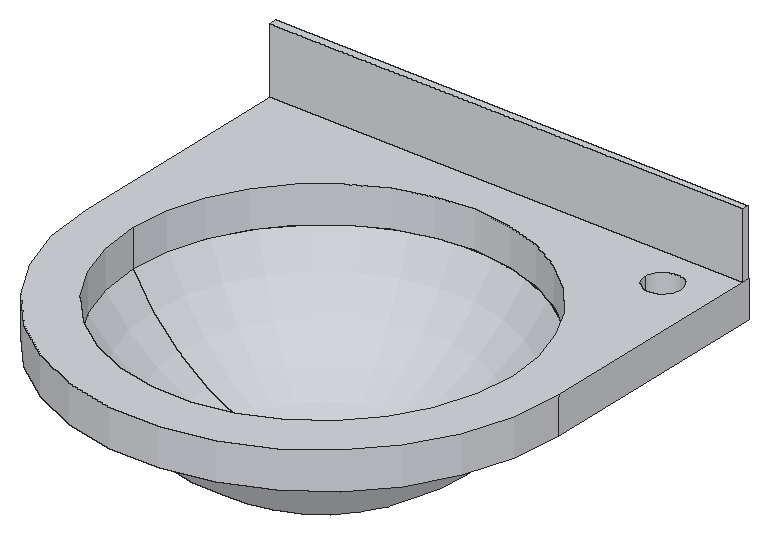
Revit family "KU2013002 LAVABO CIRCULAR", category Modelos genéricos, Revit 2015
Parameters (values of type "HJ2010114")
  Material = Bronce Cromado
Reference planes
  plane 1 "Center (Front/Back)": y = 0
  plane 2: z = 0
  plane 3 "Center (Left/Right)": x = 0
Forms (mm)
  Extrusion 1, solid
    sketch origin (0, 0, 0) x (1, 0, 0) y (0, 1, 0)
      loop
        line (180, 180) -> (-180, 180) -> (-180, 0)
        arc (-180, 0) -> (0, -180) -> (180, 0) r 180
        line (180, 0) -> (180, 180)
    from 32.5 to 60.5
  Extrusion 2, solid
    sketch origin (0, 0, 0) x (1, 0, 0) y (0, 1, 0)
      loop
        line (-180, 180) -> (-180, 175) -> (180, 175) -> (180, 180) -> (-180, 180)
    from 60 to 110.5
  Extrusion 3, void
    sketch origin (0, 0, 0) x (1, 0, 0) y (0, 1, 0)
      loop
        circle (143.705, 144.069) r 13.5
    from 12.5 to 70
  Revolve 4, solid
    sketch origin (0, 0, 0) x (1, 0, 0) y (0, 0, 1)
      loop
        arc (0, -59.5) -> (87.983, -34.668) -> (150, 32.5) r 168.283
        line (150, 32.5) -> (144.368, 32.5)
        arc (144.368, 32.5) -> (84.278, -31.069) -> (0, -54.5) r 163.283
        line (0, -54.5) -> (0, -59.5)
      axis (0, -59.5) -> (0, 32.5)
    angle from 0 to 360
  Extrusion 5, void
    sketch origin (0, 0, 0) x (1, 0, 0) y (0, 1, 0)
      loop
        circle (0, 0) r 144.368
    from 32.5 to 90.5
  Revolve 6, solid
    sketch origin (0, 0, 0) x (0, 1, 0) y (0, 0, 1)
      loop
        line (0, -61.5) -> (22.987, -61.5) -> (22.987, -57.923)
        arc (22.987, -57.923) -> (11.521, -59.105) -> (0, -59.5) r 168.283
        line (0, -59.5) -> (0, -61.5)
      axis (0, -61.5) -> (0, -57.923)
    angle from 0 to 360
  Extrusion 7, void
    sketch origin (0, 0, 0) x (1, 0, 0) y (0, 1, 0)
      loop
        circle (0, 0) r 35
    from -54.745 to -26.475
  Extrusion 8, void
    sketch origin (0, 0, 0) x (1, 0, 0) y (0, 1, 0)
      loop
        circle (0, 0) r 21
    from -66.329 to -39.5
Cuts and joins
  Extrusion 3, Extrusion 5, Extrusion 7 cuts Extrusion 1
  Extrusion 7, Extrusion 8 cuts Revolve 4
  Extrusion 8 cuts Revolve 6
Lines and regions (mm)
  Filled region 1, type "lavaropa.dwg-1", in view "Ref. Level"
    outline origin (0, 0, 0) x (1, 0, 0) y (0, 1, 0)
      loop
        line (-1169.765, 898.732) -> (-1163.098, 898.732) -> (-1166.432, 918.732) -> (-1169.765, 898.732)
  Filled region 2, type "lavaropa.dwg-1", in view "Ref. Level"
    outline origin (0, 0, 0) x (1, 0, 0) y (0, 1, 0)
      loop
        line (-1169.765, 238.732) -> (-1166.432, 218.732) -> (-1163.098, 238.732) -> (-1169.765, 238.732)
  Filled region 3, type "lavaropa.dwg-1", in view "Ref. Level"
    outline origin (0, 0, 0) x (1, 0, 0) y (0, 1, 0)
      loop
        line (-1073.493, 1065.208) -> (-1093.493, 1061.875) -> (-1073.493, 1058.542) -> (-1073.493, 1065.208)
  Filled region 4, type "lavaropa.dwg-1", in view "Ref. Level"
    outline origin (0, 0, 0) x (1, 0, 0) y (0, 1, 0)
      loop
        line (-413.493, 1065.208) -> (-413.493, 1058.542) -> (-393.493, 1061.875) -> (-413.493, 1065.208)
  Filled region 5, type "lavaropa.dwg-1", in view "Ref. Level"
    outline origin (0, 0, 0) x (1, 0, 0) y (0, 1, 0)
      loop
        line (-1249.488, -1078.198) -> (-1246.154, -1098.198) -> (-1242.821, -1078.198) -> (-1249.488, -1078.198)
  Filled region 6, type "lavaropa.dwg-1", in view "Ref. Level"
    outline origin (0, 0, 0) x (1, 0, 0) y (0, 1, 0)
      loop
        line (-1249.488, -268.198) -> (-1242.821, -268.198) -> (-1246.154, -248.198) -> (-1249.488, -268.198)
  Filled region 7, type "lavaropa.dwg-1", in view "Ref. Level"
    outline origin (0, 0, 0) x (1, 0, 0) y (0, 1, 0)
      loop
        line (-298.529, -293.198) -> (-295.195, -313.198) -> (-291.862, -293.198) -> (-298.529, -293.198)
  Filled region 8, type "lavaropa.dwg-1", in view "Ref. Level"
    outline origin (0, 0, 0) x (1, 0, 0) y (0, 1, 0)
      loop
        line (-298.529, -268.198) -> (-291.862, -268.198) -> (-295.195, -248.198) -> (-298.529, -268.198)
  Filled region 9, type "lavaropa.dwg-1", in view "Ref. Level"
    outline origin (0, 0, 0) x (1, 0, 0) y (0, 1, 0)
      loop
        line (-1249.488, -228.198) -> (-1246.154, -248.198) -> (-1242.821, -228.198) -> (-1249.488, -228.198)
  Filled region 10, type "lavaropa.dwg-1", in view "Ref. Level"
    outline origin (0, 0, 0) x (1, 0, 0) y (0, 1, 0)
      loop
        line (-1249.488, -168.198) -> (-1242.821, -168.198) -> (-1246.154, -148.198) -> (-1249.488, -168.198)
  Filled region 11, type "lavaropa.dwg-1", in view "Ref. Level"
    outline origin (0, 0, 0) x (1, 0, 0) y (0, 1, 0)
      loop
        line (-44.084, -1078.198) -> (-40.75, -1098.198) -> (-37.417, -1078.198) -> (-44.084, -1078.198)
  Filled region 12, type "lavaropa.dwg-1", in view "Ref. Level"
    outline origin (0, 0, 0) x (1, 0, 0) y (0, 1, 0)
      loop
        line (-44.084, -333.198) -> (-37.417, -333.198) -> (-40.75, -313.198) -> (-44.084, -333.198)
  Filled region 13, type "lavaropa.dwg-1", in view "Ref. Level"
    outline origin (0, 0, 0) x (1, 0, 0) y (0, 1, 0)
      loop
        line (-44.084, -293.198) -> (-40.75, -313.198) -> (-37.417, -293.198) -> (-44.084, -293.198)
  Filled region 14, type "lavaropa.dwg-1", in view "Ref. Level"
    outline origin (0, 0, 0) x (1, 0, 0) y (0, 1, 0)
      loop
        line (-44.084, -168.198) -> (-37.417, -168.198) -> (-40.75, -148.198) -> (-44.084, -168.198)
  Filled region 15, type "lavaropa.dwg-1", in view "Ref. Level"
    outline origin (0, 0, 0) x (1, 0, 0) y (0, 1, 0)
      loop
        line (900.166, -293.198) -> (903.5, -313.198) -> (906.833, -293.198) -> (900.166, -293.198)
  Filled region 16, type "lavaropa.dwg-1", in view "Ref. Level"
    outline origin (0, 0, 0) x (1, 0, 0) y (0, 1, 0)
      loop
        line (900.166, -268.198) -> (906.833, -268.198) -> (903.5, -248.198) -> (900.166, -268.198)
  Filled region 17, type "lavaropa.dwg-1", in view "Ref. Level"
    outline origin (0, 0, 0) x (1, 0, 0) y (0, 1, 0)
      loop
        line (70.36, -66.978) -> (50.36, -70.312) -> (70.36, -73.645) -> (70.36, -66.978)
  Filled region 18, type "lavaropa.dwg-1", in view "Ref. Level"
    outline origin (0, 0, 0) x (1, 0, 0) y (0, 1, 0)
      loop
        line (729.911, -66.978) -> (729.911, -73.645) -> (749.911, -70.312) -> (729.911, -66.978)
  symbolic lines
    curve 1: line (0, 0, 82.5) -> (0, 0, 32.5)
Dimensions and locks
  aligned and locked: level to plane 2
